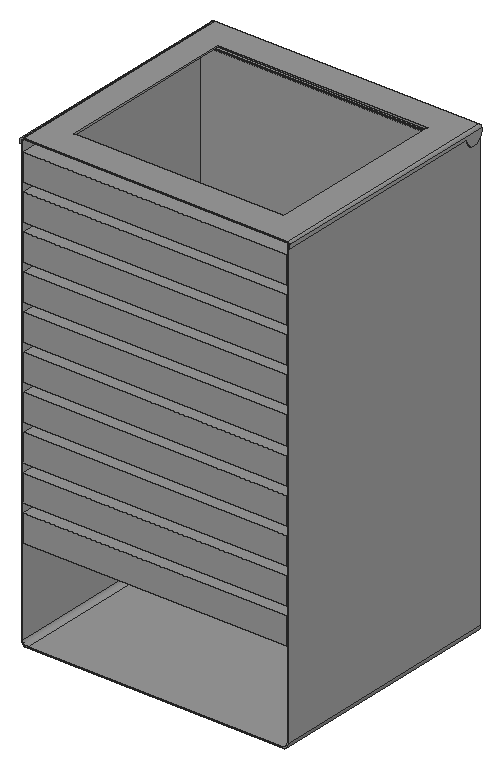
Revit family "Урна стальная «Дежавю» Арт 23196", category Антураж, Revit 2018
Family settings
  На основе рабочей плоскости = Нет
  Всегда вертикально = Да
  При загрузке вырезать с полостями = Нет
  Источник визуального образа = Геометрия семейства
  Общий = Нет
  Точка расчета площади = Нет
Parameters (values of type "Урна стальная «Дежавю»")
  Ширина = 400 mm  # constant formula
  Цвет урны = Сталь
  Цвет отделки = Дерево
  Описание = "Урна стальная «Дежавю»"  # constant formula
  Материал изделия = "Сталь, дерево"  # constant formula
  Изображение типоразмера = Урна стальная «Дежавю» Арт 23196.jpg
  Изготовитель = "ООО «Хоббика»"  # constant formula
  Длина = 450 mm  # constant formula
  Группа модели = "Уличные урны"  # constant formula
  Высота = 760 mm  # constant formula
  Артикул товара = "Арт. 23196"  # constant formula
  URL = "https://hobbyka.ru/product/urna_stalnaya_dezhavyu/"
Reference planes
  plane 1 "По центру (Вперед/Назад)": y = 0
  plane 2: z = 0
  plane 3 "По центру (Влево/Вправо)": x = 0
  plane 4: y = 400
  plane 5: x = 450
  plane 6: z = 760
Forms (mm)
  Extrusion 1, solid, material "Дерево" <- "Цвет отделки"
    sketch origin (0, 0, 0) x (0, 1, 0) y (0, 0, 1)
      loop
        line (400, 740) -> (370, 740) -> (370, 695) -> (400, 695) -> (400, 740)
      loop
        line (400, 680) -> (370, 680) -> (370, 635) -> (400, 635) -> (400, 680)
      loop
        line (400, 620) -> (370, 620) -> (370, 575) -> (400, 575) -> (400, 620)
      loop
        line (400, 560) -> (370, 560) -> (370, 515) -> (400, 515) -> (400, 560)
      loop
        line (400, 500) -> (370, 500) -> (370, 455) -> (400, 455) -> (400, 500)
      loop
        line (400, 440) -> (370, 440) -> (370, 395) -> (400, 395) -> (400, 440)
      loop
        line (400, 380) -> (370, 380) -> (370, 335) -> (400, 335) -> (400, 380)
      loop
        line (400, 320) -> (370, 320) -> (370, 275) -> (400, 275) -> (400, 320)
      loop
        line (400, 260) -> (370, 260) -> (370, 215) -> (400, 215) -> (400, 260)
      loop
        line (400, 200) -> (370, 200) -> (370, 155) -> (400, 155) -> (400, 200)
      loop
        line (30, 740) -> (0, 740) -> (0, 695) -> (30, 695) -> (30, 740)
      loop
        line (30, 680) -> (0, 680) -> (0, 635) -> (30, 635) -> (30, 680)
      loop
        line (30, 620) -> (0, 620) -> (0, 575) -> (30, 575) -> (30, 620)
      loop
        line (30, 560) -> (0, 560) -> (0, 515) -> (30, 515) -> (30, 560)
      loop
        line (30, 500) -> (0, 500) -> (0, 455) -> (30, 455) -> (30, 500)
      loop
        line (30, 440) -> (0, 440) -> (0, 395) -> (30, 395) -> (30, 440)
      loop
        line (30, 380) -> (0, 380) -> (0, 335) -> (30, 335) -> (30, 380)
      loop
        line (30, 320) -> (0, 320) -> (0, 275) -> (30, 275) -> (30, 320)
      loop
        line (30, 260) -> (0, 260) -> (0, 215) -> (30, 215) -> (30, 260)
      loop
        line (30, 200) -> (0, 200) -> (0, 155) -> (30, 155) -> (30, 200)
    from 5 to 445
  Extrusion 2, solid, material "Сталь" <- "Цвет урны"
    sketch origin (0, 0, 0) x (1, 0, 0) y (0, 0, 1)
      loop
        line (448, 755) -> (446, 755) -> (446, 10)
        arc (446, 10) -> (443.657, 4.343) -> (438, 2) r 8
        line (438, 2) -> (12, 2)
        arc (12, 2) -> (6.343, 4.343) -> (4, 10) r 8
        line (4, 10) -> (4, 755) -> (2, 755) -> (2, 10)
        arc (2, 10) -> (4.929, 2.929) -> (12, 0) r 10
        line (12, 0) -> (438, 0)
        arc (438, 0) -> (445.071, 2.929) -> (448, 10) r 10
        line (448, 10) -> (448, 755)
    from 0 to -400
  Extrusion 3, solid, material "Сталь" <- "Цвет урны"
    sketch origin (0, 0, 0) x (1, 0, 0) y (0, 1, 0)
      loop
        line (4, 370) -> (4, 30) -> (446, 30) -> (446, 370) -> (4, 370)
    from 155 to 740
  Extrusion 4, void
    sketch origin (0, 0, 0) x (1, 0, 0) y (0, 1, 0)
      loop
        line (444, 32) -> (444, 368) -> (6, 368) -> (6, 32) -> (444, 32)
    from 157 to 740
  Extrusion 5, solid, material "Сталь" <- "Цвет урны"
    sketch origin (0, 0, 0) x (1, 0, 0) y (0, 0, 1)
      loop
        arc (4, 760) -> (1.172, 758.828) -> (0, 756) r 4
        line (0, 756) -> (2, 756)
        arc (2, 756) -> (2.586, 757.414) -> (4, 758) r 2
        line (4, 758) -> (446, 758)
        arc (446, 758) -> (447.414, 757.414) -> (448, 756) r 2
        line (448, 756) -> (450, 756)
        arc (450, 756) -> (448.828, 758.828) -> (446, 760) r 4
        line (446, 760) -> (4, 760)
    from 0 to -400
  Extrusion 6, solid, material "Сталь" <- "Цвет урны"
    sketch origin (0, 0, 0) x (0, 1, 0) y (0, 0, 1)
      loop
        line (400, 756) -> (0, 756) -> (0, 751) -> (370, 751)
        arc (370, 751) -> (385, 736) -> (400, 751) r 15
        line (400, 751) -> (400, 756)
    from 0 to 2
  Extrusion 7, solid, material "Сталь" <- "Цвет урны"
    sketch origin (0, 0, 0) x (0, 1, 0) y (0, 0, 1)
      loop
        line (400, 756) -> (0, 756) -> (0, 751) -> (370, 751)
        arc (370, 751) -> (385, 736) -> (400, 751) r 15
        line (400, 751) -> (400, 756)
    from 448 to 450
  Extrusion 8, void
    sketch origin (0, 0, 0) x (1, 0, 0) y (0, 1, 0)
      loop
        line (400, 50) -> (400, 350) -> (50, 350) -> (50, 50) -> (400, 50)
    from 758 to 760
Cuts and joins
  Extrusion 4, Extrusion 8 cuts Extrusion 2
  Extrusion 4, Extrusion 8 cuts Extrusion 3
  Extrusion 8 cuts Extrusion 5
  joined: Extrusion 5, Extrusion 6, Extrusion 7
Dimensions and locks
  "Ширина": plane 4 to plane 1 "По центру (Вперед/Назад)"
  "Длина": plane 5 to plane 3 "По центру (Влево/Вправо)"
  "Высота": plane 6 to plane 2
  aligned and locked: level to plane 2
Automatic sketch dimensions
  Extrusion 1 sketch curve to plane 1 "По центру (Вперед/Назад)" = 0 mm  (x10)
  Extrusion 1 sketch curve to plane 4 = 0 mm  (x10)
  Extrusion 1 sketch curve to plane 1 "По центру (Вперед/Назад)" = 30 mm
  Extrusion 1 sketch curve to Extrusion 1 sketch curve = 0 mm  (x17)
  Extrusion 1 sketch curve to plane 4 = 30 mm  (x2)
  level to Extrusion 1 sketch curve = 155 mm  (x2)
  Extrusion 1 sketch curve to Extrusion 1 sketch curve = 45 mm  (x18)
  Extrusion 1 sketch curve to Extrusion 1 sketch curve = 15 mm  (x18)
  Extrusion 1 sketch curve to plane 6 = 20 mm  (x2)
  Extrusion 2 sketch curve to Extrusion 2 sketch curve = 0 mm  (x4)
  Extrusion 2 sketch curve to level = 0 mm
  plane 3 "По центру (Влево/Вправо)" to Extrusion 2 sketch curve = 2 mm
  Extrusion 2 sketch curve to Extrusion 2 sketch curve = 2 mm
  Extrusion 2 sketch curve to Extrusion 2 sketch curve = 8 mm
  level to Extrusion 2 sketch curve = 10 mm
  Extrusion 2 sketch curve to plane 5 = 12 mm
  Extrusion 2 sketch curve to plane 6 = 5 mm  (x2)
  plane 3 "По центру (Влево/Вправо)" to Extrusion 3 sketch curve = 4 mm
  Extrusion 3 sketch curve to plane 5 = 4 mm
  Extrusion 3 sketch curve to plane 1 "По центру (Вперед/Назад)" = 30 mm
  Extrusion 3 sketch curve to plane 4 = 30 mm
  plane 3 "По центру (Влево/Вправо)" to Extrusion 4 sketch curve = 6 mm
  Extrusion 4 sketch curve to plane 5 = 6 mm
  Extrusion 4 sketch curve to plane 1 "По центру (Вперед/Назад)" = 32 mm
  Extrusion 4 sketch curve to plane 4 = 32 mm
  Extrusion 5 sketch curve to Extrusion 5 sketch curve = 0 mm  (x4)
  Extrusion 5 sketch curve to plane 3 "По центру (Влево/Вправо)" = 0 mm
  Extrusion 5 sketch curve to plane 6 = 0 mm
  Extrusion 5 sketch curve to plane 5 = 0 mm
  plane 3 "По центру (Влево/Вправо)" to Extrusion 5 sketch curve = 2 mm
  Extrusion 5 sketch curve to Extrusion 5 sketch curve = 2 mm  (x2)
  Extrusion 6 sketch curve to plane 1 "По центру (Вперед/Назад)" = 0 mm
  Extrusion 6 sketch curve to plane 4 = 0 mm
  Extrusion 6 sketch curve to plane 4 = 30 mm
  Extrusion 6 sketch curve to plane 6 = 9 mm
  Extrusion 6 sketch curve to plane 6 = 4 mm
  Extrusion 7 sketch curve to plane 1 "По центру (Вперед/Назад)" = 0 mm
  Extrusion 7 sketch curve to plane 4 = 0 mm
  Extrusion 7 sketch curve to plane 4 = 30 mm
  Extrusion 7 sketch curve to plane 6 = 9 mm
  Extrusion 7 sketch curve to plane 6 = 4 mm
  plane 3 "По центру (Влево/Вправо)" to Extrusion 8 sketch curve = 50 mm
  Extrusion 8 sketch curve to plane 5 = 50 mm
  Extrusion 8 sketch curve to plane 4 = 50 mm
  Extrusion 8 sketch curve to plane 1 "По центру (Вперед/Назад)" = 50 mm
